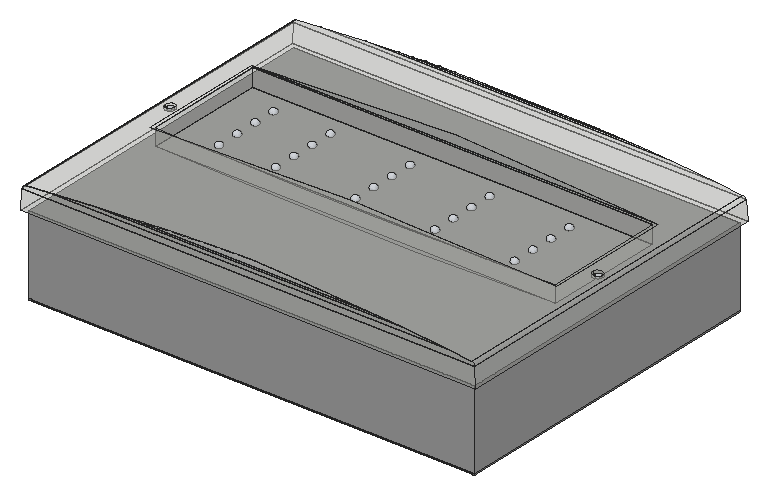
Revit family "Maxlogic Gcu panel", category Fire Alarm Devices, host Face, Revit 2021
Family settings
  Host = Face
  Maintain Annotation Orientation = Yes
  Round Connector Dimension = Use Diameter
  Part Type = Normal
  OmniClass Number = 23.85.30.21
  OmniClass Title = Environmental Detection/Registration
  Cut with Voids When Loaded = No
  Shared = No
  Room Calculation Point = No
Parameters (values of type "Maxlogic Sistem –NTP Server Haberleşme Modülü")
  Weight = "6,200 kg"
  Weatherproof surface mounting back box = ""
  Warranty Duration Unit = "Year"
  Warranty Duration Parts = "2"
  Warranty Duration Labor = "2"
  Version = ""
  URL = "https://www.mavili.com.tr/"
  Recessed mounting base = ""
  Public Works Pose Number = ""
  Protection Sign = ""
  Product Code = "ML-1207.NTP"
  Phone Number = "(+)90 216 466 45 05"
  Operatonal Voltage (default) = ""
  Operating voltage range = ""
  Operating temperature = "(-5°C) - (+50°C)"
  Nominal Depth = "100 mm"
  Nominal Width = "400 mm"
  Nominal Height = "300 mm"
  Mounting surface = "Duvara montaj"
  Mounting height = ""
  Model = "Maxlogic"
  Manufacturer = "Mavili Elektronik Ticaret A.Ş."
  Installation Manual = "https://mavilielektronik.com/Revit/ML1207NTP_kk.pdf"
  Indicator output = ""
  Fax Number = "(+)90 216 466 45 10"
  External supply = "220 V AC"
  Email = "mavili@mavili.com.tr"
  Disclaimer = ""
  Device Adress Setup = ""
  Description = "NTP Server Haberleşme Modülü"
  Default Elevation = 0 mm
  Current consumption = ""
  Cost unıt = ""
  Cost = 0
  Compatible sockets = ""
  Color = "Beyaz"
  Code Performance = ""
  Main Material = "Metal Grey"
  Secondary Material = "White Plastic ABS"
  Battery = "2 X (12V DC 7 Ah )"
  Assembly Code = ""
  Address line 1 = "Şerifali Mahallesi Kutup Sokak No:27/1-2-4 Ümraniye TR-34775 İSTANBUL"
Types (8, lengths in mm): name | Product Code | Installation Manual | Description | Code Performance
  (no name) | "ML-1207.NTP" | "https://mavilielektronik.com/Revit/ML1207NTP_kk.pdf" | "NTP Server Haberleşme Modülü" | ""
  Maxlogic Akıllı Adresli Sistem GCU Modülü, 3A Güç Kaynağı dahil, B tipi kutu içinde, TCP/IP Modülü dahil | "ML-1207.C" | "https://mavilielektronik.com/Revit/ML1207XX_kk.pdf" | "Akıllı Adresli Sistem GCU Modülü, 3A Güç Kaynağı dahil, B tipi kutu içinde, TCP/IP Modülü dahil" | "EN 54-4 / EN 54-18"
  Maxlogic Akıllı Adresli Sistem GCU Modülü, 3A Güç Kaynağı dahil, B tipi kutu içinde, GPRS Modülü dahil | "ML-1207.G" | "https://mavilielektronik.com/Revit/ML1207XX_kk.pdf" | "Akıllı Adresli Sistem GCU Modülü, 3A Güç Kaynağı dahil, B tipi kutu içinde, GPRS Modülü dahil" | "EN 54-4 / EN 54-18"
  Maxlogic Akıllı Adresli Sistem GCU Modülü, 3A Güç Kaynağı dahil, B tipi kutu içinde, RS232/RS485 Modülü dahil | "ML-1207.K" | "https://mavilielektronik.com/Revit/ML1207XX_kk.pdf" | "Akıllı Adresli Sistem GCU Modülü, 3A Güç Kaynağı dahil, B tipi kutu içinde, RS232/RS485 Modülü dahil" | "EN 54-4 / EN 54-18"
  Maxlogic Akıllı Adresli Sistem GCU Modbus Modülü, 3A Güç Kaynağı dahil, B tipi kutu içinde | "ML-1207.MX" | "https://mavilielektronik.com/Revit/ML1207MX_ML1207B_kk.pdf" | "Akıllı Adresli Sistem GCU Modbus Modülü, 3A Güç Kaynağı dahil, B tipi kutu içinde" | "EN 54-4 / EN 54-18"
  Maxlogic Akıllı Adresli Sistem GCU Modülü, 3A Güç Kaynağı dahil, TCP/IP,GPRS, RS232/RS485 Modülü dahil | "ML-1207.CGK" | "https://mavilielektronik.com/Revit/ML1207XX_kk.pdf" | "Akıllı Adresli Sistem GCU Modülü, 3A Güç Kaynağı dahil, TCP/IP,GPRS, RS232/RS485 Modülü dahil" | "EN 54-4 / EN 54-18"
  Maxlogic Akıllı Adresli Sistem GCU Bacnet Modülü, 3A Güç Kaynağı dahil, B tipi kutu içinde | "ML-1207.B" | "https://mavilielektronik.com/Revit/ML1207MX_ML1207B_kk.pdf" | "Akıllı Adresli Sistem GCU Bacnet Modülü, 3A Güç Kaynağı dahil, B tipi kutu içinde" | "EN 54-4 / EN 54-18"
  Maxlogic Sistem –NTP Server Haberleşme Modülü | "ML-1207.NTP" | "https://mavilielektronik.com/Revit/ML1207NTP_kk.pdf" | "NTP Server Haberleşme Modülü" | ""
Reference planes
  plane 1 "Center (Front/Back)": y = 0
  plane 2: z = 0
  plane 3 "Center (Left/Right)": x = 0
Forms (mm)
  Extrusion 1, solid, material "mavili arka kasa"
    sketch origin (-210, -150, 148.173) x (1, 0, 0) y (0, 0, -1)
      loop
        line (42.905, 77.3) -> (434.905, 77.3) -> (434.905, 146.904)
        arc (434.905, 146.904) -> (434.545, 147.715) -> (433.785, 148.173) r 1.476
        line (433.785, 148.173) -> (44.505, 148.173)
        arc (44.505, 148.173) -> (43.374, 147.704) -> (42.905, 146.573) r 1.6
        line (42.905, 146.573) -> (42.905, 77.3)
    from 0 to 300
  Extrusion 2, solid, material "Mavili beyaz"
    sketch origin (-210, -150, 148.173) x (1, 0, 0) y (0, 0, -1)
      loop
        line (38.905, 77.3) -> (39.824, 59.769)
        arc (39.824, 59.769) -> (40.651, 57.854) -> (42.526, 56.941) r 3
        arc (42.526, 56.941) -> (238.905, 47.3) -> (435.284, 56.941) r 2005
        arc (435.284, 56.941) -> (437.16, 57.854) -> (437.987, 59.769) r 3
        line (437.987, 59.769) -> (438.905, 77.3) -> (38.905, 77.3)
    from 0 to 300
  Extrusion 3, void
    sketch origin (-167.095, -150, 70.872) x (0, 0, 1) y (0, -1, 0)
      loop
        arc (-69.27, -296) -> (-70.403, -295.532) -> (-70.872, -294.4) r 1.6
        line (-70.872, -294.4) -> (-70.872, -300) -> (0, -300) -> (0, -296) -> (-69.27, -296)
    from 0 to 392
  Extrusion 4, void
    sketch origin (-167.095, 150, 70.872) x (0, 0, 1) y (0, -1, 0)
      loop
        line (-69.27, 296) -> (0, 296) -> (0, 300) -> (-70.872, 300) -> (-70.872, 294.4)
        arc (-70.872, 294.4) -> (-70.403, 295.532) -> (-69.27, 296) r 1.6
    from 0 to 392
  Extrusion 5, void
    sketch origin (-210, -150, 148.173) x (0, 0, -1) y (0, 1, 0)
      loop
        line (55.289, 116.326) -> (55.289, 228.158) -> (47.3, 228.297) -> (47.3, 111.721) -> (55.289, 116.326)
    from 0 to 497.127
  Extrusion 6, void
    sketch origin (-210, -150, 148.173) x (0, 0, -1) y (0, 1, 0)
      loop
        arc (47.3, 295.581) -> (48.124, 297.646) -> (50.143, 298.577) r 3
        line (50.143, 298.577) -> (51.913, 298.669) -> (55.057, 298.834) -> (59.769, 299.081) -> (77.3, 300) -> (50, 300) -> (47.3, 300) -> (47.3, 295.581)
    from 0 to 493.151
  Extrusion 7, void
    sketch origin (-210, 150, 148.173) x (0, 0, -1) y (0, 1, 0)
      loop
        line (47.3, -295.581) -> (47.3, -300) -> (50, -300) -> (77.3, -300) -> (59.769, -299.081) -> (55.057, -298.834) -> (51.913, -298.669) -> (50.143, -298.577)
        arc (50.143, -298.577) -> (48.124, -297.646) -> (47.3, -295.581) r 3
    from 0 to 493.151
  Extrusion 8, void
    sketch origin (-167.095, 146, 25.472) x (0, 0, -1) y (1, 0, 0)
      loop
        line (-13.523, 66.9) -> (-13.523, 68.054)
        arc (-13.523, 68.054) -> (-15, 68.144) -> (-16.477, 68.054) r 12.144
        line (-16.477, 68.054) -> (-16.477, 66.9)
        arc (-16.477, 66.9) -> (-26, 56.025) -> (-16.527, 45.106) r 11
        line (-16.527, 45.106) -> (-16.527, 43.952)
        arc (-16.527, 43.952) -> (-15, 43.856) -> (-13.473, 43.952) r 12.144
        line (-13.473, 43.952) -> (-13.473, 45.106)
        arc (-13.473, 45.106) -> (-4, 56.025) -> (-13.523, 66.9) r 11
    from 0 to 1
  Extrusion 9, void
    sketch origin (-127.095, 146, 25.472) x (0, 0, -1) y (1, 0, 0)
      loop
        line (-13.523, 66.9) -> (-13.523, 68.054)
        arc (-13.523, 68.054) -> (-15, 68.144) -> (-16.477, 68.054) r 12.144
        line (-16.477, 68.054) -> (-16.477, 66.9)
        arc (-16.477, 66.9) -> (-26, 56.025) -> (-16.527, 45.106) r 11
        line (-16.527, 45.106) -> (-16.527, 43.952)
        arc (-16.527, 43.952) -> (-15, 43.856) -> (-13.473, 43.952) r 12.144
        line (-13.473, 43.952) -> (-13.473, 45.106)
        arc (-13.473, 45.106) -> (-4, 56.025) -> (-13.523, 66.9) r 11
    from 0 to 1
  Extrusion 10, void
    sketch origin (-87.095, 146, 25.472) x (0, 0, -1) y (1, 0, 0)
      loop
        line (-13.523, 66.9) -> (-13.523, 68.054)
        arc (-13.523, 68.054) -> (-15, 68.144) -> (-16.477, 68.054) r 12.144
        line (-16.477, 68.054) -> (-16.477, 66.9)
        arc (-16.477, 66.9) -> (-26, 56.025) -> (-16.527, 45.106) r 11
        line (-16.527, 45.106) -> (-16.527, 43.952)
        arc (-16.527, 43.952) -> (-15, 43.856) -> (-13.473, 43.952) r 12.144
        line (-13.473, 43.952) -> (-13.473, 45.106)
        arc (-13.473, 45.106) -> (-4, 56.025) -> (-13.523, 66.9) r 11
    from 0 to 1
  Extrusion 11, void
    sketch origin (-47.095, 146, 25.472) x (0, 0, -1) y (1, 0, 0)
      loop
        line (-13.523, 66.9) -> (-13.523, 68.054)
        arc (-13.523, 68.054) -> (-15, 68.144) -> (-16.477, 68.054) r 12.144
        line (-16.477, 68.054) -> (-16.477, 66.9)
        arc (-16.477, 66.9) -> (-26, 56.025) -> (-16.527, 45.106) r 11
        line (-16.527, 45.106) -> (-16.527, 43.952)
        arc (-16.527, 43.952) -> (-15, 43.856) -> (-13.473, 43.952) r 12.144
        line (-13.473, 43.952) -> (-13.473, 45.106)
        arc (-13.473, 45.106) -> (-4, 56.025) -> (-13.523, 66.9) r 11
    from 0 to 1
  Extrusion 12, void
    sketch origin (-7.095, 146, 25.472) x (0, 0, -1) y (1, 0, 0)
      loop
        line (-13.523, 66.9) -> (-13.523, 68.054)
        arc (-13.523, 68.054) -> (-15, 68.144) -> (-16.477, 68.054) r 12.144
        line (-16.477, 68.054) -> (-16.477, 66.9)
        arc (-16.477, 66.9) -> (-26, 56.025) -> (-16.527, 45.106) r 11
        line (-16.527, 45.106) -> (-16.527, 43.952)
        arc (-16.527, 43.952) -> (-15, 43.856) -> (-13.473, 43.952) r 12.144
        line (-13.473, 43.952) -> (-13.473, 45.106)
        arc (-13.473, 45.106) -> (-4, 56.025) -> (-13.523, 66.9) r 11
    from 0 to 1
  Extrusion 13, void
    sketch origin (32.905, 146, 25.472) x (0, 0, -1) y (1, 0, 0)
      loop
        line (-13.523, 66.9) -> (-13.523, 68.054)
        arc (-13.523, 68.054) -> (-15, 68.144) -> (-16.477, 68.054) r 12.144
        line (-16.477, 68.054) -> (-16.477, 66.9)
        arc (-16.477, 66.9) -> (-26, 56.025) -> (-16.527, 45.106) r 11
        line (-16.527, 45.106) -> (-16.527, 43.952)
        arc (-16.527, 43.952) -> (-15, 43.856) -> (-13.473, 43.952) r 12.144
        line (-13.473, 43.952) -> (-13.473, 45.106)
        arc (-13.473, 45.106) -> (-4, 56.025) -> (-13.523, 66.9) r 11
    from 0 to 1
  Extrusion 14, void
    sketch origin (72.905, 146, 25.472) x (0, 0, -1) y (1, 0, 0)
      loop
        line (-13.523, 66.9) -> (-13.523, 68.054)
        arc (-13.523, 68.054) -> (-15, 68.144) -> (-16.477, 68.054) r 12.144
        line (-16.477, 68.054) -> (-16.477, 66.9)
        arc (-16.477, 66.9) -> (-26, 56.025) -> (-16.527, 45.106) r 11
        line (-16.527, 45.106) -> (-16.527, 43.952)
        arc (-16.527, 43.952) -> (-15, 43.856) -> (-13.473, 43.952) r 12.144
        line (-13.473, 43.952) -> (-13.473, 45.106)
        arc (-13.473, 45.106) -> (-4, 56.025) -> (-13.523, 66.9) r 11
    from 0 to 1
  Extrusion 15, void
    sketch origin (112.905, 146, 25.472) x (0, 0, -1) y (1, 0, 0)
      loop
        line (-13.523, 66.9) -> (-13.523, 68.054)
        arc (-13.523, 68.054) -> (-15, 68.144) -> (-16.477, 68.054) r 12.144
        line (-16.477, 68.054) -> (-16.477, 66.9)
        arc (-16.477, 66.9) -> (-26, 56.025) -> (-16.527, 45.106) r 11
        line (-16.527, 45.106) -> (-16.527, 43.952)
        arc (-16.527, 43.952) -> (-15, 43.856) -> (-13.473, 43.952) r 12.144
        line (-13.473, 43.952) -> (-13.473, 45.106)
        arc (-13.473, 45.106) -> (-4, 56.025) -> (-13.523, 66.9) r 11
    from 0 to 1
  Extrusion 16, void
    sketch origin (-210, -33.417, 92.884) x (-1, 0, 0) y (0, 1, 0)
      loop
        line (-62.836, 2.214) -> (-62.836, 108.579)
        spline (-62.836, 108.579) -> (-92.123, 108.62) -> (-121.442, 108.654) -> (-150.785, 108.681) -> (-180.148, 108.699) -> (-209.524, 108.711) -> (-238.905, 108.714) -> (-268.287, 108.711) -> (-297.662, 108.699) -> (-327.025, 108.681) -> (-356.369, 108.654) -> (-385.687, 108.62) -> (-414.974, 108.579)
        line (-414.974, 108.579) -> (-414.974, 2.214)
        spline (-414.974, 2.214) -> (-385.687, 0.847) -> (-356.369, -0.273) -> (-327.025, -1.144) -> (-297.662, -1.766) -> (-268.287, -2.14) -> (-238.905, -2.264) -> (-209.524, -2.14) -> (-180.148, -1.766) -> (-150.785, -1.144) -> (-121.442, -0.273) -> (-92.123, 0.847) -> (-62.836, 2.214)
    from 0 to 15
  Extrusion 17, void
    sketch origin (-210, -33.417, 92.884) x (-1, 0, 0) y (0, 1, 0)
      loop
        circle (-50.905, 33.417) r 4.25
    from 0 to 3
  Extrusion 18, solid
    sketch origin (-210, -33.442, 89.884) x (0, 1, 0) y (-1, 0, 0)
      loop
        line (35.753, -50.862) -> (34.597, -48.861) -> (32.286, -48.861) -> (31.13, -50.862) -> (32.286, -52.864) -> (34.597, -52.864) -> (35.753, -50.862)
    from 0 to 1
  Extrusion 19, void
    sketch origin (267.811, -33.417, 92.884) x (-1, 0, 0) y (0, 1, 0)
      loop
        circle (50.905, 33.417) r 4.25
    from 0 to 3
  Extrusion 20, solid
    sketch origin (267.811, -33.442, 89.884) x (0, 1, 0) y (-1, 0, 0)
      loop
        line (35.753, 50.862) -> (34.597, 52.864) -> (32.286, 52.864) -> (31.13, 50.862) -> (32.286, 48.861) -> (34.597, 48.861) -> (35.753, 50.862)
    from 0 to 1
  Revolve 21, solid
    sketch origin (-210, -33.417, 77.884) x (-1, 0, 0) y (0, -1, 0)
      loop
        line (-95.905, -93.417) -> (-95.905, -87.417)
        arc (-95.905, -87.417) -> (-98.905, -90.417) -> (-95.905, -93.417) r 3
      axis (-95.905, -93.417) -> (-95.905, -87.417)
    angle from 0 to -180
  Revolve 22, solid
    sketch origin (-160, -33.417, 77.884) x (-1, 0, 0) y (0, -1, 0)
      loop
        line (-95.905, -93.417) -> (-95.905, -87.417)
        arc (-95.905, -87.417) -> (-98.905, -90.417) -> (-95.905, -93.417) r 3
      axis (-95.905, -93.417) -> (-95.905, -87.417)
    angle from 0 to -180
  Revolve 23, solid
    sketch origin (-90, -33.417, 77.884) x (-1, 0, 0) y (0, -1, 0)
      loop
        line (-95.905, -93.417) -> (-95.905, -87.417)
        arc (-95.905, -87.417) -> (-98.905, -90.417) -> (-95.905, -93.417) r 3
      axis (-95.905, -93.417) -> (-95.905, -87.417)
    angle from 0 to -180
  Revolve 24, solid
    sketch origin (-20, -33.417, 77.884) x (-1, 0, 0) y (0, -1, 0)
      loop
        line (-95.905, -93.417) -> (-95.905, -87.417)
        arc (-95.905, -87.417) -> (-98.905, -90.417) -> (-95.905, -93.417) r 3
      axis (-95.905, -93.417) -> (-95.905, -87.417)
    angle from 0 to -180
  Revolve 25, solid
    sketch origin (50, -33.417, 77.884) x (-1, 0, 0) y (0, -1, 0)
      loop
        line (-95.905, -93.417) -> (-95.905, -87.417)
        arc (-95.905, -87.417) -> (-98.905, -90.417) -> (-95.905, -93.417) r 3
      axis (-95.905, -93.417) -> (-95.905, -87.417)
    angle from 0 to -180
  Revolve 26, solid
    sketch origin (-210, -53.417, 77.884) x (-1, 0, 0) y (0, -1, 0)
      loop
        line (-95.905, -93.417) -> (-95.905, -87.417)
        arc (-95.905, -87.417) -> (-98.905, -90.417) -> (-95.905, -93.417) r 3
      axis (-95.905, -93.417) -> (-95.905, -87.417)
    angle from 0 to -180
  Revolve 27, solid
    sketch origin (-160, -53.417, 77.884) x (-1, 0, 0) y (0, -1, 0)
      loop
        line (-95.905, -93.417) -> (-95.905, -87.417)
        arc (-95.905, -87.417) -> (-98.905, -90.417) -> (-95.905, -93.417) r 3
      axis (-95.905, -93.417) -> (-95.905, -87.417)
    angle from 0 to -180
  Revolve 28, solid
    sketch origin (-90, -53.417, 77.884) x (-1, 0, 0) y (0, -1, 0)
      loop
        line (-95.905, -93.417) -> (-95.905, -87.417)
        arc (-95.905, -87.417) -> (-98.905, -90.417) -> (-95.905, -93.417) r 3
      axis (-95.905, -93.417) -> (-95.905, -87.417)
    angle from 0 to -180
  Revolve 29, solid
    sketch origin (-20, -53.417, 77.884) x (-1, 0, 0) y (0, -1, 0)
      loop
        line (-95.905, -93.417) -> (-95.905, -87.417)
        arc (-95.905, -87.417) -> (-98.905, -90.417) -> (-95.905, -93.417) r 3
      axis (-95.905, -93.417) -> (-95.905, -87.417)
    angle from 0 to -180
  Revolve 30, solid
    sketch origin (50, -53.417, 77.884) x (-1, 0, 0) y (0, -1, 0)
      loop
        line (-95.905, -93.417) -> (-95.905, -87.417)
        arc (-95.905, -87.417) -> (-98.905, -90.417) -> (-95.905, -93.417) r 3
      axis (-95.905, -93.417) -> (-95.905, -87.417)
    angle from 0 to -180
  Revolve 31, solid
    sketch origin (-210, -73.417, 77.884) x (-1, 0, 0) y (0, -1, 0)
      loop
        line (-95.905, -93.417) -> (-95.905, -87.417)
        arc (-95.905, -87.417) -> (-98.905, -90.417) -> (-95.905, -93.417) r 3
      axis (-95.905, -93.417) -> (-95.905, -87.417)
    angle from 0 to -180
  Revolve 32, solid
    sketch origin (-160, -73.417, 77.884) x (-1, 0, 0) y (0, -1, 0)
      loop
        line (-95.905, -93.417) -> (-95.905, -87.417)
        arc (-95.905, -87.417) -> (-98.905, -90.417) -> (-95.905, -93.417) r 3
      axis (-95.905, -93.417) -> (-95.905, -87.417)
    angle from 0 to -180
  Revolve 33, solid
    sketch origin (-90, -73.417, 77.884) x (-1, 0, 0) y (0, -1, 0)
      loop
        line (-95.905, -93.417) -> (-95.905, -87.417)
        arc (-95.905, -87.417) -> (-98.905, -90.417) -> (-95.905, -93.417) r 3
      axis (-95.905, -93.417) -> (-95.905, -87.417)
    angle from 0 to -180
  Revolve 34, solid
    sketch origin (-20, -73.417, 77.884) x (-1, 0, 0) y (0, -1, 0)
      loop
        line (-95.905, -93.417) -> (-95.905, -87.417)
        arc (-95.905, -87.417) -> (-98.905, -90.417) -> (-95.905, -93.417) r 3
      axis (-95.905, -93.417) -> (-95.905, -87.417)
    angle from 0 to -180
  Revolve 35, solid
    sketch origin (50, -73.417, 77.884) x (-1, 0, 0) y (0, -1, 0)
      loop
        line (-95.905, -93.417) -> (-95.905, -87.417)
        arc (-95.905, -87.417) -> (-98.905, -90.417) -> (-95.905, -93.417) r 3
      axis (-95.905, -93.417) -> (-95.905, -87.417)
    angle from 0 to -180
  Revolve 36, solid
    sketch origin (-210, -93.417, 77.884) x (-1, 0, 0) y (0, -1, 0)
      loop
        line (-95.905, -93.417) -> (-95.905, -87.417)
        arc (-95.905, -87.417) -> (-98.905, -90.417) -> (-95.905, -93.417) r 3
      axis (-95.905, -93.417) -> (-95.905, -87.417)
    angle from 0 to -180
  Revolve 37, solid
    sketch origin (-160, -93.417, 77.884) x (-1, 0, 0) y (0, -1, 0)
      loop
        line (-95.905, -93.417) -> (-95.905, -87.417)
        arc (-95.905, -87.417) -> (-98.905, -90.417) -> (-95.905, -93.417) r 3
      axis (-95.905, -93.417) -> (-95.905, -87.417)
    angle from 0 to -180
  Revolve 38, solid
    sketch origin (-90, -93.417, 77.884) x (-1, 0, 0) y (0, -1, 0)
      loop
        line (-95.905, -93.417) -> (-95.905, -87.417)
        arc (-95.905, -87.417) -> (-98.905, -90.417) -> (-95.905, -93.417) r 3
      axis (-95.905, -93.417) -> (-95.905, -87.417)
    angle from 0 to -180
  Revolve 39, solid
    sketch origin (-20, -93.417, 77.884) x (-1, 0, 0) y (0, -1, 0)
      loop
        line (-95.905, -93.417) -> (-95.905, -87.417)
        arc (-95.905, -87.417) -> (-98.905, -90.417) -> (-95.905, -93.417) r 3
      axis (-95.905, -93.417) -> (-95.905, -87.417)
    angle from 0 to -180
  Revolve 40, solid
    sketch origin (50, -93.417, 77.884) x (-1, 0, 0) y (0, -1, 0)
      loop
        line (-95.905, -93.417) -> (-95.905, -87.417)
        arc (-95.905, -87.417) -> (-98.905, -90.417) -> (-95.905, -93.417) r 3
      axis (-95.905, -93.417) -> (-95.905, -87.417)
    angle from 0 to -180
Cuts and joins
  Extrusion 3, Extrusion 4, Extrusion 8, Extrusion 9, Extrusion 10, Extrusion 11, Extrusion 12, Extrusion 13, Extrusion 14, Extrusion 15 cuts Extrusion 1
  Extrusion 3, Extrusion 4, Extrusion 5, Extrusion 6, Extrusion 7, Extrusion 16, Extrusion 17, Extrusion 19 cuts Extrusion 2
  Extrusion 19 cuts Extrusion 18
Dimensions and locks
  aligned and locked: plane 2 to host face
  aligned and locked: level to host face
Connectors
  electrical at (29.145, 0, 0)
    settings: on cut or joined group of Extrusion 1, Extrusion 3, Extrusion 4, Extrusion 8, Extrusion 9, Extrusion 10, Extrusion 11, Extrusion 12, Extrusion 13, Extrusion 14, Extrusion 15, index 1, voltage 0 V, apparent load 0 VA, apparent load phase1 0 VA, apparent load phase2 0 VA, apparent load phase3 0 VA, power factor 1, load classification "Other", number of poles 1, system type 31, power factor state 1, is connector primary yes, connector utility no, sub classification motor no, connector description ""
